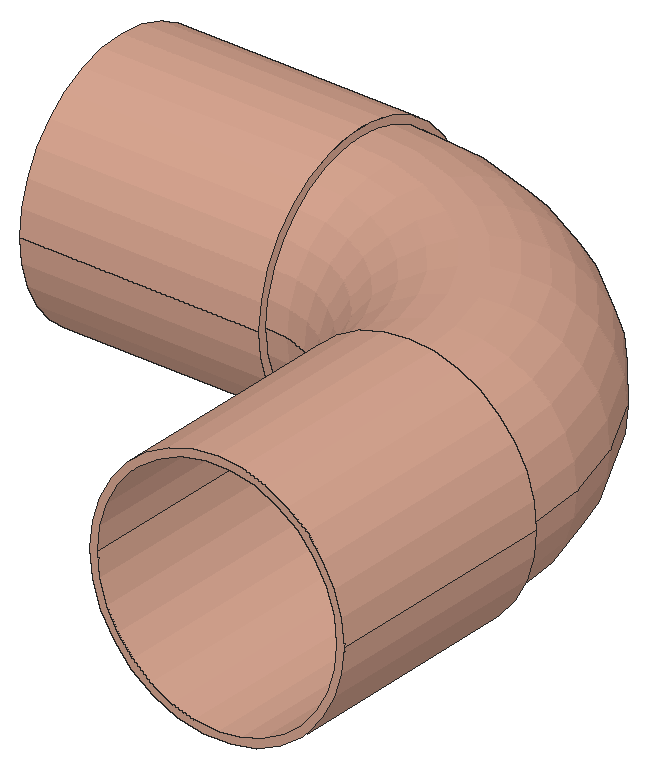
Revit family "Elbow_Copper-90", category Plumbing Fixtures, Revit 2026
Family settings
  Round Connector Dimension = Use Diameter
  Part Type = Normal
  Classification Number = 23.60.30.11.14
  Work Plane-Based = Yes
  Enable Cutting in Views = No
  Always vertical = Yes
  Cut with Voids When Loaded = No
  Maintain Annotation Orientation = No
  Shared = No
  Room Calculation Point = No
Parameters (values of type "1/2"")
  collarrad [instance] = PipeIrad + Collar Thickness  # 0' - 0 17/64"
  Waste Connection = no
  Warranty Duration (Years) = 0
  Wall Thickness = 0' - 0 1/16"
  Vent Connection = no
  Type Comments = ""
  Turn Radius [instance] = Pipe OD  # 0' - 0 1/2"
  Test Data = ""
  Supply Connection Type = Plumbing-Connector : Sweat-Sweat -C-C 050
  Specification = "http://www.arcat.com/divs/sec/sec15000.shtml"
  Sales Information = ""
  Product Properties = "http://www.arcat.com/bim/bim_info.pl?fn=Elbow-Copper-90"
  Product Data = "http://www.arcat.com/divs/sec/sec15000.shtml"
  PipeOrad [instance] = Pipe OD / 2  # 0' - 0 1/4"
  PipeIrad [instance] = PipeOrad - Wall Thickness  # 0' - 0 3/16"
  Pipe OD [instance] = 0' - 0 1/2"
  Pipe Material = ARCAT - Copper
  Pipe ID [instance] = (PipeOrad - Wall Thickness) * 2  # 0' - 0 3/8"
  Model = "Generic"  # constant formula
  Manufacturer Website = "http://www.arcat.com/"
  Manufacturer Phone - Toll Free = ""
  Manufacturer Phone = "(203) 929-9444"  # constant formula
  Manufacturer Fax = "(203) 939-2444"  # constant formula
  Manufacturer Email = "bim@arcat.com"  # constant formula
  Manufacturer Address = "1077 Bridgeport Ave, Shelton, CT  06484"  # constant formula
  Manufacturer = "Generic"  # constant formula
  Maintenance Schedule (Months) = 0
  Keynote = "15000"
  Installation_Fabricaton = ""
  Installation Phase = ""
  HW Connection = yes
  Green Building-LEED = "http://www.arcat.com/green/green_building.shtml"
  Expected Lifespan (Years) = 40
  Drawn By = "Robert S. Weygant. CSI, CDT, SCIP"  # constant formula
  Description = "90 Degree Copper Sweat Elbow"  # constant formula
  Default Elevation = 4' - 0"
  Copyright = "2008, ARCAT, Inc."  # constant formula
  Construction Details = "http://www.arcat.com/divs/sec/sec15000.shtml"
  Collar Thickness = Wall Thickness * 1.25  # 0' - 0 5/64"
  Collar Length [instance] = Pipe OD  # 0' - 0 1/2"
  CW Connection = yes
  Building Codes = ""
  Assembly Code = "D2090900"
Types (6): name | collarrad | Turn Radius | Supply Connection Type | PipeOrad | PipeIrad | Pipe OD | Pipe ID | Collar Length
  (no name) | 0' - 0 17/64" | 0' - 0 1/2" | Plumbing-Connector : Sweat-Sweat -C-C 050 | 0' - 0 1/4" | 0' - 0 3/16" | 0' - 0 1/2" | 0' - 0 3/8" | 0' - 0 1/2"
  1" | 0' - 0 33/64" | 0' - 1" | Plumbing-Connector : Sweat-Sweat -C-C 1 | 0' - 0 1/2" | 0' - 0 7/16" | 0' - 1" | 0' - 0 7/8" | 0' - 1"
  1-1/4" | 0' - 0 41/64" | 0' - 1 1/4" | Plumbing-Connector : Sweat-Sweat -C-C 125 | 0' - 0 5/8" | 0' - 0 9/16" | 0' - 1 1/4" | 0' - 1 1/8" | 0' - 1 1/4"
  3/8" | 0' - 0 13/64" | 0' - 0 3/8" | Plumbing-Connector : Sweat-Sweat -C-C 0375 | 0' - 0 3/16" | 0' - 0 1/8" | 0' - 0 3/8" | 0' - 0 1/4" | 0' - 0 3/8"
  1/2" | 0' - 0 17/64" | 0' - 0 1/2" | Plumbing-Connector : Sweat-Sweat -C-C 050 | 0' - 0 1/4" | 0' - 0 3/16" | 0' - 0 1/2" | 0' - 0 3/8" | 0' - 0 1/2"
  3/4" | 0' - 0 25/64" | 0' - 0 3/4" | Plumbing-Connector : Sweat-Sweat -C-C 075 | 0' - 0 3/8" | 0' - 0 5/16" | 0' - 0 3/4" | 0' - 0 5/8" | 0' - 0 3/4"
Reference planes (in)
  plane 1: z = 0
  plane 2 "Center (Left/Right)": x = 0
  plane 3 "Connection Level": z = 0
  plane 4 "Center": y = 0
  plane 5: y = 0.5
  plane 6: x = -0.5
Forms (in)
  Sweep 1, solid, material "ARCAT - Copper" <- "Pipe Material"
    path in 3D
      loop
        arc (0, 0, 0) -> (-0.14645, 0.35355, 0) -> (-0.5, 0.5, 0) r 0.5
    profile origin (-0.14645, 0.35355, 0) x (-0.707107, -0.707107, 0) y (0, 0, 1)
      loop
        circle (0, 0) r 0.1875
      loop
        circle (0, 0) r 0.25
  Sweep 2, solid, material "ARCAT - Copper" <- "Pipe Material"
    path in 3D
      loop
        line (0, 0, 0) -> (0, -0.5, 0)
    profile origin (0, -0.25, 0) x (1, 0, 0) y (0, 0, 1)
      loop
        circle (0, 0) r 0.25
      loop
        circle (0, 0) r 0.26562
  Sweep 3, solid, material "ARCAT - Copper" <- "Pipe Material"
    path in 3D
      loop
        line (-0.5, 0.5, 0) -> (-1, 0.5, 0)
    profile origin (-0.75, 0.5, 0) x (0, -1, 0) y (0, 0, 1)
      loop
        circle (0, 0) r 0.25
      loop
        circle (0, 0) r 0.26562
Lines and regions (in)
  model lines, style "CW Supply"
    curve 1: line (0, 0, 0) -> (0, -0.5, 0)
    curve 2: line (-0.5, 0.5, 0) -> (-1, 0.5, 0)
    curve 3: arc (0, 0, 0) -> (-0.14645, 0.35355, 0) -> (-0.5, 0.5, 0) r 0.5
    curve 4: line (-0.5, 0.25, 0) -> (-0.5, 0.75, 0)
    curve 5: line (-0.25, 0, 0) -> (0.25, 0, 0)
  sketch lines
    curve 6: arc (0, 0, 0) -> (-0.14645, 0.35355, 0) -> (-0.5, 0.5, 0) r 0.5
    curve 7: line (0, 0, 0) -> (0, -0.5, 0)
    curve 8: line (-0.5, 0.5, 0) -> (-1, 0.5, 0)
  model lines, style "HW Supply", visible <- "HW Connection"
    curve 9: line (-0.5, 0.5, 0) -> (-1, 0.5, 0)
    curve 10: line (-0.5, 0.25, 0) -> (-0.5, 0.75, 0)
    curve 11: arc (0, 0, 0) -> (-0.14645, 0.35355, 0) -> (-0.5, 0.5, 0) r 0.5
    curve 12: line (-0.25, 0, 0) -> (0.25, 0, 0)
    curve 13: line (0, 0, 0) -> (0, -0.5, 0)
Dimensions and locks (in)
  "Collar Length": curve 3 to curve 13
  "Collar Length": curve 2 to curve 9
  "Turn Radius": plane 4 "Center" to plane 5
  "Turn Radius": plane 6 to plane 2 "Center (Left/Right)"
  "Pipe OD": curve 10 to curve 10
  equal spacing: curve 10, curve 9, curve 10
  equal spacing: curve 12, curve 13, curve 12
  "Pipe OD": curve 12 to curve 12
  equal spacing: curve 5, curve 1, curve 5
  "Pipe OD": curve 5 to curve 5
  equal spacing: curve 4, curve 2, curve 4
  "Pipe OD": curve 4 to curve 4
  "Turn Radius": radius of curve 3
  "PipeIrad": radius of Sweep 1 sketch curve
  "PipeOrad": radius of Sweep 1 sketch curve
  "PipeOrad": radius of Sweep 3 sketch curve
  "collarrad": radius of Sweep 3 sketch curve
  "collarrad": radius of Sweep 2 sketch curve
  "PipeOrad": radius of Sweep 2 sketch curve
  aligned and locked: curve 1 to plane 2 "Center (Left/Right)"
  aligned and locked: plane 4 "Center" to curve 5
  aligned and locked: curve 4 to curve 3
  aligned and locked: curve 5 to curve 3
  aligned and locked: nested 1 to plane 3 "Connection Level"
  aligned and locked: plane 4 "Center" to Sweep 2
  aligned and locked: plane 2 "Center (Left/Right)" to nested 1
  aligned and locked: nested 2 to plane 5
  aligned and locked: nested 2 to plane 3 "Connection Level"
  aligned and locked: nested 2 to Sweep 3
  aligned and locked: level to plane 3 "Connection Level"
  aligned and locked: curve 4 to curve 10
  aligned and locked: curve 11 to curve 3
  aligned and locked: curve 5 to curve 12
  aligned and locked: curve 13 to curve 1
Automatic sketch dimensions
  Sweep 1 sketch curve to Sweep 1 sketch curve = 0' - 0"  (x2)
  Sweep 1 sketch curve to profile plane = 0' - 0"  (x2)
  Sweep 3 sketch curve to Sweep 3 sketch curve = 0' - 0"  (x2)
  Sweep 3 sketch curve to profile plane = 0' - 0"  (x2)
  Sweep 2 sketch curve to Sweep 2 sketch curve = 0' - 0"  (x2)
  Sweep 2 sketch curve to profile plane = 0' - 0"  (x2)
  curve 9 to plane 5 = 0' - 0"
  curve 1 to curve 1 = 0' - 0 1/2"
  curve 3 to curve 2 = 0' - 0 1/2"
Nested families (in)
  nested 1: "Plumbing-Connector" at (-1.5, 0.5, 1.92656), type <- "Supply Connection Type", Pipe Diameter <- "Pipe OD", type "Sweat-Sweat -C-C 050"
    with Pipe Diameter 0' - 0 1/2", Outlet Material ARCAT - Copper, Outlet Connection "Sweat", Inlet Material ARCAT - Copper, Inlet Connection "Sweat"
  nested 2: "Plumbing-Connector" at (-2, 1, 1.92656), Outlet Material <- "Pipe Material", Inlet Material <- "Pipe Material", type <- "Supply Connection Type", Pipe Diameter <- "Pipe OD", type "Sweat-Sweat -C-C 050"
    with Pipe Diameter 0' - 0 1/2", Outlet Material ARCAT - Copper, Outlet Connection "Solvent Welded", Inlet Material ARCAT - Copper, Inlet Connection "Solvent Welded"
Definition of nested family "Plumbing-Connector"
  Parameters
    Waste Connection = no
    Warranty Duration (Years) = 0
    Vent Connection = no
    Type Comments = "Plumbing Connection"
    Test Data = ""
    Specification = "http://www.arcat.com/divs/sec/sec15000.shtml"
    Sales Information = ""
    Product Properties = "http://www.arcat.com/bim/bim_info.pl?fn=Plumbing-Connector"
    Product Data = "http://www.arcat.com/divs/sec/sec15000.shtml"
    Pipe Diameter [instance] = 0' - 4"
    Outlet Material [instance] = none
    Outlet Connection [instance] = "Crimp"
    Model = "Generic"  # constant formula
    Mixing Valve = no
    Manufacturer Website = "http://www.arcat.com/"
    Manufacturer Phone - Toll Free = ""
    Manufacturer Phone = "(203) 929-9444"  # constant formula
    Manufacturer Fax = "(203) 939-2444"  # constant formula
    Manufacturer Email = "bim@arcat.com"  # constant formula
    Manufacturer Address = "1077 Bridgeport Ave, Shelton, CT  06484"  # constant formula
    Manufacturer = "Generic"  # constant formula
    Maintenance Schedule (Months) = 0
    Keynote = "15000"
    Installation_Fabricaton = ""
    Installation Phase = ""
    Inlet Material [instance] = none
    Inlet Connection [instance] = "Threaded"
    HW Connection = no
    Green Building-LEED = "http://www.arcat.com/green/green_building.shtml"
    Expected Lifespan (Years) = 0
    Drawn By = "Robert S. Weygant. CSI, CDT, SCIP"  # constant formula
    Description = ""
    Default Elevation = 4' - 0"
    Copyright = "2008, ARCAT, Inc."  # constant formula
    Construction Details = "http://www.arcat.com/divs/sec/sec15000.shtml"
    CW Connection = yes
    Building Codes = ""
    Assembly Code = "D2090900"
  Reference planes (in)
    plane 1 "Center (TB)": z = -1.92656
    plane 2 "Center (Left/Right)": x = 1.5
    plane 3 "Center (FB)": y = -0.5
    plane 4: x = -0.5
    plane 5: x = 3.5
    plane 6: y = 1.5
    plane 7: y = -2.5
    plane 8: z = 0.07344
    plane 9: z = -3.92656
  Forms (in)
    Revolve 1, solid
      sketch origin (0, 0, -1.92656) x (1, 0, 0) y (0, 1, 0)
        loop
          line (1.5, -0.375) -> (1.5, -0.625)
          arc (1.5, -0.625) -> (1.625, -0.5) -> (1.5, -0.375) r 0.125
        axis (1.5, -0.375) -> (1.5, -0.625)
      angle from 0 to 360
  Lines and regions (in)
    model lines, not visible
      curve 1: line (0, 0.5, 0) -> (0, -0.5, 0)
      curve 2: line (-0.5, 0, 0) -> (0.5, 0, 0)
    model lines, visible <- "CW Connection"
      curve 3: line (1.5, -0.5, -3.92656) -> (1.5, -0.5, 0.07344)
      curve 8: line (-0.5, -0.5, -1.92656) -> (3.5, -0.5, -1.92656)
      curve 13: line (1.5, 1.5, -1.92656) -> (1.5, -2.5, -1.92656)
    model lines, visible <- "Waste Connection"
      curve 4: line (1.5, -0.5, -3.92656) -> (1.5, -0.5, 0.07344)
      curve 9: line (-0.5, -0.5, -1.92656) -> (3.5, -0.5, -1.92656)
      curve 14: line (1.5, 1.5, -1.92656) -> (1.5, -2.5, -1.92656)
    model lines, visible <- "HW Connection"
      curve 5: line (1.5, -0.5, -3.92656) -> (1.5, -0.5, 0.07344)
      curve 10: line (-0.5, -0.5, -1.92656) -> (3.5, -0.5, -1.92656)
      curve 15: line (1.5, 1.5, -1.92656) -> (1.5, -2.5, -1.92656)
    model lines, visible <- "Mixing Valve"
      curve 6: line (1.5, -0.5, -3.92656) -> (1.5, -0.5, 0.07344)
      curve 11: line (-0.5, -0.5, -1.92656) -> (3.5, -0.5, -1.92656)
      curve 16: line (1.5, 1.5, -1.92656) -> (1.5, -2.5, -1.92656)
    model lines, visible <- "Vent Connection"
      curve 7: line (1.5, -0.5, -3.92656) -> (1.5, -0.5, 0.07344)
      curve 12: line (-0.5, -0.5, -1.92656) -> (3.5, -0.5, -1.92656)
      curve 17: line (1.5, 1.5, -1.92656) -> (1.5, -2.5, -1.92656)
  Dimensions and locks (in)
    equal spacing: plane 4, plane 2 "Center (Left/Right)", plane 5
    equal spacing: plane 6, plane 3 "Center (FB)", plane 7
    "Pipe Diameter": plane 4 to plane 5
    "Pipe Diameter": plane 6 to plane 7
    equal spacing: plane 8, plane 1 "Center (TB)", plane 9
    "Pipe Diameter": plane 8 to plane 9
    aligned and locked: plane 9 to curve 3
    aligned and locked: plane 2 "Center (Left/Right)" to curve 3
    aligned and locked: plane 8 to curve 3
    aligned and locked: plane 2 "Center (Left/Right)" to curve 4
    aligned and locked: plane 2 "Center (Left/Right)" to curve 5
    aligned and locked: plane 2 "Center (Left/Right)" to curve 6
    aligned and locked: plane 2 "Center (Left/Right)" to curve 7
    aligned and locked: plane 4 to curve 8
    aligned and locked: plane 5 to curve 8
    aligned and locked: plane 3 "Center (FB)" to curve 8
    aligned and locked: plane 3 "Center (FB)" to curve 9
    aligned and locked: plane 3 "Center (FB)" to curve 10
    aligned and locked: plane 3 "Center (FB)" to curve 11
    aligned and locked: plane 3 "Center (FB)" to curve 12
    aligned and locked: plane 6 to curve 13
    aligned and locked: curve 13 to plane 2 "Center (Left/Right)"
    aligned and locked: plane 7 to curve 13
    aligned and locked: curve 14 to plane 2 "Center (Left/Right)"
    aligned and locked: curve 15 to plane 2 "Center (Left/Right)"
    aligned and locked: curve 16 to plane 2 "Center (Left/Right)"
    aligned and locked: curve 17 to plane 2 "Center (Left/Right)"
    aligned and locked: level to plane 1 "Center (TB)"
  Automatic sketch dimensions
    Revolve 1 sketch curve to plane 2 "Center (Left/Right)" = 0' - 0"  (x2)
    Revolve 1 sketch curve to plane 3 "Center (FB)" = 0' - 0"
    Revolve 1 sketch curve to Revolve 1 sketch curve = 0' - 0 1/8"
    Revolve 1 sketch curve to plane 7 = 4' - 9 1/2"
    plane 6 to Revolve 1 sketch curve = 4' - 8.8714"
    curve 6 to plane 8 = 0' - 0"
    curve 4 to plane 8 = 0' - 0"
    curve 5 to plane 8 = 0' - 0"
    curve 7 to plane 8 = 0' - 0"
    curve 4 to plane 9 = 0' - 0"
    curve 7 to plane 9 = 0' - 0"
    curve 6 to plane 9 = 0' - 0"
    curve 5 to plane 9 = 0' - 0"
    curve 17 to plane 6 = 0' - 0"
    curve 17 to plane 7 = 0' - 0"
    curve 16 to plane 7 = 0' - 0"
    curve 16 to plane 6 = 0' - 0"
    curve 15 to plane 6 = 0' - 0"
    curve 15 to plane 7 = 0' - 0"
    curve 14 to plane 6 = 0' - 0"
    curve 14 to plane 7 = 0' - 0"
    curve 10 to plane 4 = 0' - 0"
    curve 9 to plane 4 = 0' - 0"
    curve 11 to plane 4 = 0' - 0"
    curve 12 to plane 4 = 0' - 0"
    curve 10 to plane 5 = 0' - 0"
    curve 9 to plane 5 = 0' - 0"
    curve 11 to plane 5 = 0' - 0"
    curve 12 to plane 5 = 0' - 0"
